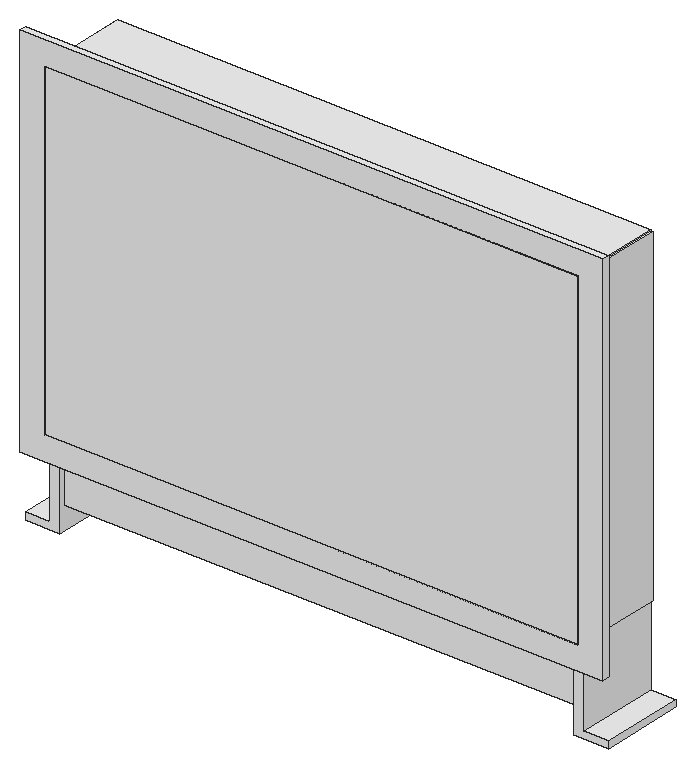
Revit family "1R553FPDB 1031IT_LOW FLOW", category Pipe Accessories, Revit 2018 (continued)
Definition of nested family "last regulator"
  Automatic sketch dimensions
    Extrusion 7 sketch curve to Extrusion 7 sketch curve = 1.039 mm
    Extrusion 8 sketch curve to plane 1 "Center (Front/Back)" = 5.116 mm
    plane 3 "Center (Left/Right)" to Extrusion 8 sketch curve = 9.912 mm
    Extrusion 8 sketch curve to Extrusion 8 sketch curve = 6.525 mm
    Extrusion 8 sketch curve to Extrusion 8 sketch curve = 1.039 mm
    plane 1 "Center (Front/Back)" to Extrusion 9 sketch curve = 6.021 mm
    plane 3 "Center (Left/Right)" to Extrusion 9 sketch curve = 9.379 mm
    Extrusion 9 sketch curve to Extrusion 9 sketch curve = 8.734 mm
    Extrusion 9 sketch curve to Extrusion 9 sketch curve = 1.039 mm
    Extrusion 10 sketch curve to plane 3 "Center (Left/Right)" = 0 mm  (x3)
    plane 1 "Center (Front/Back)" to Extrusion 10 sketch curve = 14.425 mm
    plane 1 "Center (Front/Back)" to Extrusion 10 sketch curve = 7.208 mm  (x2)
    Extrusion 10 sketch curve to plane 1 "Center (Front/Back)" = 0.009 mm
    Extrusion 10 sketch curve to plane 1 "Center (Front/Back)" = 7.225 mm  (x2)
    Extrusion 10 sketch curve to Extrusion 10 sketch curve = 7.217 mm
    plane 3 "Center (Left/Right)" to Extrusion 10 sketch curve = 12.5 mm
    Extrusion 10 sketch curve to plane 3 "Center (Left/Right)" = 12.5 mm
    Revolve 11 sketch curve to plane 1 "Center (Front/Back)" = 13.346 mm
    Revolve 11 sketch curve to Revolve 11 sketch curve = 0.922 mm
    Revolve 11 sketch curve to Revolve 11 sketch curve = 0.937 mm
    Revolve 11 sketch curve to Revolve 11 sketch curve = 0.028 mm
    Revolve 11 sketch curve to Revolve 11 sketch curve = 0 mm  (x5)
    Revolve 11 sketch curve to Revolve 11 sketch curve = 0.014 mm
    Revolve 11 sketch curve to Revolve 11 sketch curve = 0.713 mm  (x7)
    Revolve 11 sketch curve to Revolve 11 sketch curve = 0.726 mm
    level to Revolve 11 sketch curve = 17.3 mm
    Revolve 11 sketch curve to Revolve 11 sketch curve = 1.032 mm
    Revolve 11 sketch curve to Revolve 11 sketch curve = 0.741 mm
    Revolve 11 sketch curve to Revolve 11 sketch curve = 0.931 mm
    Revolve 11 sketch curve to plane 1 "Center (Front/Back)" = 0.009 mm
    level to Revolve 11 sketch curve = 11.05 mm
    Revolve 11 sketch curve to plane 4 = 11.319 mm
    Extrusion 12 sketch curve to plane 3 "Center (Left/Right)" = 0 mm  (x3)
    plane 1 "Center (Front/Back)" to Extrusion 12 sketch curve = 0 mm
    plane 1 "Center (Front/Back)" to Extrusion 12 sketch curve = 8.66 mm  (x2)
    plane 1 "Center (Front/Back)" to Extrusion 12 sketch curve = 17.321 mm
    Extrusion 12 sketch curve to plane 1 "Center (Front/Back)" = 8.66 mm  (x2)
    Extrusion 12 sketch curve to Extrusion 12 sketch curve = 8.66 mm
    plane 3 "Center (Left/Right)" to Extrusion 12 sketch curve = 15 mm
    Extrusion 12 sketch curve to plane 3 "Center (Left/Right)" = 15 mm
    Revolve 13 sketch curve to plane 3 "Center (Left/Right)" = 0 mm  (x2)
    Revolve 13 sketch curve to plane 3 "Center (Left/Right)" = 12.466 mm
    Revolve 13 sketch curve to plane 4 = 2.594 mm
    Revolve 13 sketch curve to Revolve 13 sketch curve = 0 mm
    Revolve 13 sketch curve to Revolve 13 sketch curve = 1.157 mm
    Revolve 13 sketch curve to Revolve 13 sketch curve = 0.968 mm  (x2)
    Revolve 13 sketch curve to plane 4 = 3.751 mm
    Revolve 13 sketch curve to Revolve 13 sketch curve = 5.944 mm
    Revolve 13 sketch curve to Revolve 13 sketch curve = 7.881 mm
    Revolve 13 sketch curve to Revolve 13 sketch curve = 6.11 mm
    plane 4 to Revolve 13 sketch curve = 3.077 mm
    Revolve 14 sketch curve to plane 3 "Center (Left/Right)" = 0 mm  (x2)
    Revolve 14 sketch curve to plane 4 = 0 mm
    plane 3 "Center (Left/Right)" to Revolve 14 sketch curve = 17.125 mm
    Revolve 14 sketch curve to plane 5 = 19.608 mm
    Revolve 14 sketch curve to Revolve 14 sketch curve = 18.992 mm
    Revolve 14 sketch curve to Revolve 14 sketch curve = 22.888 mm
    plane 3 "Center (Left/Right)" to Extrusion 15 sketch curve = 20.309 mm
    Extrusion 15 sketch curve to Extrusion 15 sketch curve = 0.597 mm  (x2)
    Extrusion 15 sketch curve to Extrusion 15 sketch curve = 0.776 mm
    Extrusion 15 sketch curve to Extrusion 15 sketch curve = 1.299 mm
    Extrusion 15 sketch curve to Extrusion 15 sketch curve = 1.449 mm
    Extrusion 15 sketch curve to Extrusion 15 sketch curve = 0.807 mm
    Extrusion 15 sketch curve to plane 5 = 19.608 mm
    Extrusion 15 sketch curve to Extrusion 15 sketch curve = 1.208 mm
    Extrusion 15 sketch curve to Extrusion 15 sketch curve = 0.803 mm
    Extrusion 15 sketch curve to Extrusion 15 sketch curve = 0.601 mm
    Extrusion 16 sketch curve to plane 3 "Center (Left/Right)" = 20.411 mm
    Extrusion 16 sketch curve to Extrusion 16 sketch curve = 0.597 mm  (x2)
    Extrusion 16 sketch curve to Extrusion 16 sketch curve = 0.776 mm
    Extrusion 16 sketch curve to Extrusion 16 sketch curve = 1.299 mm
    Extrusion 16 sketch curve to Extrusion 16 sketch curve = 1.449 mm
    Extrusion 16 sketch curve to Extrusion 16 sketch curve = 0.807 mm
    Extrusion 16 sketch curve to plane 5 = 19.608 mm
    Extrusion 16 sketch curve to Extrusion 16 sketch curve = 1.208 mm
    Extrusion 16 sketch curve to Extrusion 16 sketch curve = 0.803 mm
    Extrusion 16 sketch curve to Extrusion 16 sketch curve = 0.601 mm
    Revolve 17 sketch curve to plane 5 = 0 mm  (x2)
    plane 3 "Center (Left/Right)" to Revolve 17 sketch curve = 16.507 mm
    Revolve 17 sketch curve to Revolve 17 sketch curve = 2.17 mm  (x2)
    Revolve 17 sketch curve to Revolve 17 sketch curve = 21.5 mm
    Revolve 17 sketch curve to Revolve 17 sketch curve = 2.343 mm
    Revolve 17 sketch curve to plane 5 = 16.665 mm
    Revolve 17 sketch curve to Revolve 17 sketch curve = 16.838 mm
    plane 3 "Center (Left/Right)" to Revolve 17 sketch curve = 1.563 mm
    Revolve 17 sketch curve to Revolve 17 sketch curve = 24.042 mm
    radius of Extrusion 3 sketch curve = 1.156 mm
    radius of Extrusion 10 sketch curve = 11.904 mm
    radius of Extrusion 12 sketch curve = 14.53 mm
Definition of nested family "CAP Last "
  Reference planes
    plane 1 "Center (Front/Back)": y = 0
    plane 2: z = 0
    plane 3 "Center (Left/Right)": x = 0
    plane 4: y = -18.487
    plane 5: y = 18.365
    plane 6: y = 0
    plane 7: x = 50
    plane 8: z = 12.042
    plane 9: z = 91.037
    plane 10: z = 51.54
  Forms (mm)
    Extrusion 1, solid
      sketch origin (-0.186, 0, 9.763) x (1, 0, 0) y (0, 1, 0)
        loop
          line (14, 0) -> (7, 12.124) -> (-7, 12.124) -> (-14, 0) -> (-7, -12.124) -> (7, -12.124) -> (14, 0)
        loop
          circle (0, 0) r 10
      from 14.741 to 21.458
    Revolve 2, solid
      sketch origin (0, -0.255, 14.816) x (0, 1, 0) y (0, 0, 1)
        loop
          line (-10.111, 5.44) -> (-11.69, 3.861) -> (-10.742, 2.913) -> (-11.69, 1.965) -> (-10.742, 1.017) -> (-11.69, 0.07) -> (-10.742, -0.878) -> (-11.69, -1.826) -> (-10.742, -2.774) -> (-8.739, -2.774) -> (-8.739, 9.688) -> (-10.111, 9.688) -> (-10.111, 5.44)
        axis (0.255, 9.688) -> (0.255, -2.774)
      angle from 0 to 360
    Extrusion 3, solid
      sketch origin (0, 0, 0.403) x (1, 0, 0) y (0, 1, 0)
        loop
          line (14.104, 8.143) -> (0, 16.286) -> (-14.104, 8.143) -> (-14.104, -8.143) -> (0, -16.286) -> (14.104, -8.143) -> (14.104, 8.143)
        loop
          circle (0, 0) r 13.143
      from 69.435 to 69.99
    Revolve 4, solid
      sketch origin (0, 0, 0) x (1, 0, 0) y (0, 0, 1)
        loop
          line (0, 69.838) -> (-14.186, 69.838) -> (-14.186, 31.222) -> (0, 31.222) -> (0, 69.838)
        axis (0, 69.838) -> (0, 31.222)
      angle from 0 to 360
    Revolve 5, solid
      sketch origin (0, 0, -1.25) x (1, 0, 0) y (0, 0, 1)
        loop
          line (14.116, 51.54) -> (43.111, 51.54) -> (43.111, 69.735) -> (40.493, 71.246) -> (16.733, 71.246) -> (14.116, 69.735) -> (14.116, 51.54)
        axis (14.116, 51.54) -> (43.111, 51.54)
      angle from 0 to 360
    Extrusion 6, solid
      sketch origin (0, 0, 0) x (1, 0, 0) y (0, 1, 0)
        loop
          arc (-1.222, 15.953) -> (-6.252, 14.728) -> (-10.627, 11.961) r 16
          arc (-10.627, 11.961) -> (-12.355, 11.931) -> (-12.325, 10.203) r 1.222
          arc (-12.325, 10.203) -> (-14.835, 5.994) -> (-15.953, 1.222) r 16
          arc (-15.953, 1.222) -> (-17.176, 0) -> (-15.953, -1.222) r 1.222
          arc (-15.953, -1.222) -> (-14.835, -5.994) -> (-12.325, -10.203) r 16
          arc (-12.325, -10.203) -> (-12.355, -11.931) -> (-10.627, -11.961) r 1.222
          arc (-10.627, -11.961) -> (-6.252, -14.728) -> (-1.222, -15.953) r 16
          arc (-1.222, -15.953) -> (0, -17.176) -> (1.222, -15.953) r 1.222
          arc (1.222, -15.953) -> (6.252, -14.728) -> (10.627, -11.961) r 16
          arc (10.627, -11.961) -> (12.355, -11.931) -> (12.325, -10.203) r 1.222
          arc (12.325, -10.203) -> (14.835, -5.994) -> (15.953, -1.222) r 16
          arc (15.953, -1.222) -> (17.176, 0) -> (15.953, 1.222) r 1.222
          arc (15.953, 1.222) -> (14.835, 5.994) -> (12.325, 10.203) r 16
          arc (12.325, 10.203) -> (12.355, 11.931) -> (10.627, 11.961) r 1.222
          arc (10.627, 11.961) -> (6.252, 14.728) -> (1.222, 15.953) r 16
          arc (1.222, 15.953) -> (0, 17.176) -> (-1.222, 15.953) r 1.222
      from 70.393 to 91.037
  Dimensions and locks
    plane 9 to plane 8 = 78.994 mm
    equal spacing: plane 9, plane 10, plane 8
    aligned and locked: level to plane 2
  Automatic sketch dimensions
    plane 1 "Center (Front/Back)" to Extrusion 1 sketch curve = 0 mm  (x3)
    Extrusion 1 sketch curve to plane 3 "Center (Left/Right)" = 14.186 mm
    Extrusion 1 sketch curve to plane 3 "Center (Left/Right)" = 7.186 mm  (x2)
    Extrusion 1 sketch curve to plane 3 "Center (Left/Right)" = 0.186 mm
    plane 3 "Center (Left/Right)" to Extrusion 1 sketch curve = 6.814 mm  (x2)
    plane 3 "Center (Left/Right)" to Extrusion 1 sketch curve = 13.814 mm
    plane 4 to Extrusion 1 sketch curve = 6.363 mm
    Extrusion 1 sketch curve to plane 5 = 6.24 mm
    plane 8 to Revolve 2 sketch curve = 0 mm
    Revolve 2 sketch curve to plane 1 "Center (Front/Back)" = 0 mm
    plane 1 "Center (Front/Back)" to Revolve 2 sketch curve = 8.993 mm
    Revolve 2 sketch curve to Revolve 2 sketch curve = 1.372 mm
    Revolve 2 sketch curve to Revolve 2 sketch curve = 2.004 mm
    Revolve 2 sketch curve to plane 8 = 1.896 mm
    Revolve 2 sketch curve to Revolve 2 sketch curve = 0 mm  (x2)
    Revolve 2 sketch curve to Revolve 2 sketch curve = 0.632 mm
    Revolve 2 sketch curve to plane 8 = 4.739 mm
    Revolve 2 sketch curve to Revolve 2 sketch curve = 0.948 mm  (x2)
    Revolve 2 sketch curve to plane 8 = 2.843 mm
    Revolve 2 sketch curve to Revolve 2 sketch curve = 4.248 mm
    plane 8 to Revolve 2 sketch curve = 2.279 mm
    Revolve 2 sketch curve to Revolve 2 sketch curve = 1.125 mm
    Extrusion 3 sketch curve to plane 3 "Center (Left/Right)" = 0 mm  (x3)
    plane 1 "Center (Front/Back)" to Extrusion 3 sketch curve = 0 mm
    Extrusion 3 sketch curve to plane 3 "Center (Left/Right)" = 14.104 mm
    plane 3 "Center (Left/Right)" to Extrusion 3 sketch curve = 14.104 mm
    plane 1 "Center (Front/Back)" to Extrusion 3 sketch curve = 8.143 mm  (x2)
    plane 4 to Extrusion 3 sketch curve = 2.202 mm
    Extrusion 3 sketch curve to plane 1 "Center (Front/Back)" = 8.143 mm  (x2)
    Extrusion 3 sketch curve to plane 5 = 2.079 mm
    Revolve 4 sketch curve to plane 3 "Center (Left/Right)" = 0 mm  (x2)
    Revolve 4 sketch curve to plane 3 "Center (Left/Right)" = 14.186 mm
    plane 10 to Revolve 4 sketch curve = 20.318 mm
    Revolve 4 sketch curve to plane 10 = 18.298 mm
    level to Revolve 4 sketch curve = 5.869 mm
    Revolve 4 sketch curve to Revolve 4 sketch curve = 1.888 mm
    plane 10 to Revolve 5 sketch curve = 1.25 mm  (x2)
    plane 3 "Center (Left/Right)" to Revolve 5 sketch curve = 14.116 mm
    Revolve 5 sketch curve to Revolve 5 sketch curve = 2.617 mm  (x2)
    Revolve 5 sketch curve to plane 7 = 9.507 mm
    Revolve 5 sketch curve to plane 10 = 16.945 mm  (x2)
    Revolve 5 sketch curve to Revolve 5 sketch curve = 1.511 mm
    plane 3 "Center (Left/Right)" to Revolve 5 sketch curve = 7.026 mm
    Revolve 5 sketch curve to Revolve 5 sketch curve = 4.22 mm
    Extrusion 6 sketch curve to Extrusion 6 sketch curve = 0 mm  (x56)
    plane 1 "Center (Front/Back)" to Extrusion 6 sketch curve = 0 mm  (x3)
    Extrusion 6 sketch curve to plane 3 "Center (Left/Right)" = 0 mm  (x3)
    Extrusion 6 sketch curve to plane 5 = 7.282 mm  (x2)
    Extrusion 6 sketch curve to plane 3 "Center (Left/Right)" = 11.476 mm  (x2)
    plane 4 to Extrusion 6 sketch curve = 7.405 mm  (x2)
    Extrusion 6 sketch curve to Extrusion 6 sketch curve = 4.477 mm  (x2)
    plane 3 "Center (Left/Right)" to Extrusion 6 sketch curve = 11.476 mm  (x2)
    plane 4 to Extrusion 6 sketch curve = 2.534 mm
    Extrusion 6 sketch curve to plane 5 = 2.411 mm
    Extrusion 6 sketch curve to plane 3 "Center (Left/Right)" = 1.222 mm
    Extrusion 6 sketch curve to Extrusion 6 sketch curve = 1.222 mm
    Extrusion 6 sketch curve to Extrusion 6 sketch curve = 0.849 mm  (x6)
    radius of Extrusion 1 sketch curve = 10 mm
    radius of Extrusion 3 sketch curve = 13.143 mm
Definition of nested family "Giacomini Logo"
  Parameters (values of type "Hot Water ball valve")
    Material [instance] = none
  Reference planes
    plane 1 "Center (Front/Back)": y = 0
    plane 2: z = 0
    plane 3 "Center (Left/Right)": x = 0
    plane 4: x = 105
    plane 5 "MODEL TEXT": x = -25.219
    plane 6: x = -24
    plane 7: y = -62.876
    plane 8 "LOGO": x = -18.662
  Forms (mm)
    Extrusion 1, solid, material <- "Material"
      sketch origin (-25.219, 0, -1.25) x (0, 0, -1) y (0, -1, 0)
        loop
          arc (-25.831, 62.394) -> (-26.149, 62.708) -> (-26.596, 62.719) r 0.606
          line (-26.596, 62.719) -> (-29.148, 62.13)
          arc (-29.148, 62.13) -> (-29.309, 63.322) -> (-29.846, 64.4) r 3.684
          arc (-29.846, 64.4) -> (-29.425, 64.435) -> (-29.025, 64.299) r 1.034
          line (-29.025, 64.299) -> (-28.213, 64.199) -> (-26.654, 64.363) -> (-25.834, 63.758) -> (-25.247, 64.345) -> (-25.247, 66.362) -> (-25.813, 66.928) -> (-25.955, 66.123) -> (-26.632, 64.951)
          arc (-26.632, 64.951) -> (-28.308, 65.154) -> (-29.938, 65.594) r 11.785
          arc (-29.938, 65.594) -> (-30.771, 65.35) -> (-31.121, 64.556) r 1.029
          arc (-31.121, 64.556) -> (-31.053, 63.709) -> (-30.885, 62.876) r 7.086
          arc (-30.885, 62.876) -> (-31.456, 62.772) -> (-31.976, 63.03) r 0.921
          arc (-31.976, 63.03) -> (-32.371, 63.599) -> (-33.062, 63.559) r 0.709
          line (-33.062, 63.559) -> (-34.393, 65.264) -> (-35.184, 65.264) -> (-36.776, 65.096)
          arc (-36.776, 65.096) -> (-37.299, 65.423) -> (-37.108, 66.01) r 0.501
          line (-37.108, 66.01) -> (-36.462, 66.552)
          arc (-36.462, 66.552) -> (-36.66, 67.031) -> (-37.166, 67.142) r 0.559
          arc (-37.166, 67.142) -> (-37.635, 66.394) -> (-38.454, 66.062) r 1.438
          arc (-38.454, 66.062) -> (-39.072, 65.951) -> (-39.655, 65.717) r 3.067
          arc (-39.655, 65.717) -> (-39.717, 65.153) -> (-39.466, 64.644) r 1.011
          line (-39.466, 64.644) -> (-38.909, 64.087) -> (-37.815, 63.169) -> (-37.457, 62.401) -> (-36.886, 60.987)
          arc (-36.886, 60.987) -> (-36.447, 60.5) -> (-35.799, 60.409) r 0.958
          line (-35.799, 60.409) -> (-33.432, 60.912)
          arc (-33.432, 60.912) -> (-31.981, 60.803) -> (-30.649, 60.218) r 4.314
          arc (-30.649, 60.218) -> (-29.146, 60.273) -> (-27.771, 60.883) r 3.972
          line (-27.771, 60.883) -> (-26.687, 61.534)
          arc (-26.687, 61.534) -> (-26.649, 60.462) -> (-26.39, 59.42) r 5.152
          arc (-26.39, 59.42) -> (-26.532, 58.958) -> (-26.72, 58.514) r 4.778
          arc (-26.72, 58.514) -> (-26.139, 57.953) -> (-25.837, 57.204) r 1.943
          line (-25.837, 57.204) -> (-25.049, 57.555)
          arc (-25.049, 57.555) -> (-25.637, 58.299) -> (-25.942, 59.197) r 2.791
          arc (-25.942, 59.197) -> (-25.739, 60.79) -> (-25.831, 62.394) r 8.726
        loop
          arc (-35.045, 69.098) -> (-33.226, 69.891) -> (-31.241, 69.906) r 4.951
          arc (-31.241, 69.906) -> (-31.276, 70.67) -> (-32.009, 70.889) r 0.661
          arc (-32.009, 70.889) -> (-33.8, 70.455) -> (-35.045, 69.098) r 3.165
        loop
          arc (-35.821, 67.09) -> (-33.179, 67.665) -> (-30.476, 67.652) r 12.353
          arc (-30.476, 67.652) -> (-33.261, 68.445) -> (-35.821, 67.09) r 3.883
        loop
          circle (-31.976, 62.717) r 9
      from -10.747 to -5.796
    Extrusion 2, solid, material <- "Material"
      sketch origin (-18.662, -55.916, 1203.438) x (0, 1, 0) y (0, 0, 1)
        loop
          line (4.516, -1182.125) -> (3.695, -1182.125) -> (2.628, -1185.056) -> (1.444, -1182.125) -> (0.623, -1182.125) -> (0.623, -1186.485) -> (1.423, -1186.485) -> (1.423, -1183.493) -> (2.628, -1186.475) -> (3.716, -1183.623) -> (3.716, -1186.485) -> (4.516, -1186.485) -> (4.516, -1182.125)
        loop
          line (-1.326, -1182.125) -> (-2.126, -1182.125) -> (-3.713, -1186.485) -> (-2.776, -1186.485) -> (-2.235, -1185) -> (-1.027, -1185) -> (-0.427, -1186.485) -> (0.435, -1186.485) -> (-1.326, -1182.125)
        loop
          line (-0.907, -1184.581) -> (-1.676, -1182.678) -> (-2.369, -1184.581) -> (-0.907, -1184.581)
        loop
          line (-3.908, -1182.125) -> (-5.263, -1182.125)
          arc (-5.263, -1182.125) -> (-7.443, -1184.305) -> (-5.263, -1186.485) r 2.18
          line (-5.263, -1186.485) -> (-3.908, -1186.485) -> (-3.908, -1182.125)
        loop
          line (-4.44, -1185.953) -> (-4.44, -1182.656) -> (-5.263, -1182.656)
          arc (-5.263, -1182.656) -> (-6.911, -1184.305) -> (-5.263, -1185.953) r 1.649
          line (-5.263, -1185.953) -> (-4.44, -1185.953)
        loop
          line (-7.828, -1182.125) -> (-9.911, -1182.125) -> (-9.911, -1182.925) -> (-8.565, -1182.925) -> (-8.565, -1184.123) -> (-9.911, -1184.123) -> (-9.911, -1184.923) -> (-8.565, -1184.923) -> (-8.565, -1185.953) -> (-9.911, -1185.953) -> (-9.911, -1186.753) -> (-7.828, -1186.753) -> (-7.828, -1182.125)
        loop
          line (-11.889, -1182.125) -> (-12.689, -1182.125) -> (-12.689, -1186.485) -> (-11.889, -1186.485) -> (-11.889, -1182.125)
        loop
          line (-13.532, -1182.125) -> (-14.753, -1182.125) -> (-16.653, -1185.416) -> (-16.653, -1182.125) -> (-17.453, -1182.125) -> (-17.453, -1186.485) -> (-16.346, -1186.485) -> (-14.332, -1182.997) -> (-14.332, -1186.485) -> (-13.532, -1186.485) -> (-13.532, -1182.125)
        loop
          line (-0.997, -1188.432) -> (-1.797, -1188.432) -> (-1.797, -1192.432) -> (-0.997, -1192.432) -> (-0.997, -1188.432)
        loop
          line (-3.49, -1192.432) -> (-3.49, -1189.249) -> (-2.399, -1189.249) -> (-2.399, -1188.432) -> (-5.326, -1188.432) -> (-5.326, -1189.249) -> (-4.29, -1189.249) -> (-4.29, -1192.432) -> (-3.49, -1192.432)
        loop
          line (-6.563, -1188.332) -> (-7.622, -1188.332) -> (-9.115, -1192.432) -> (-8.263, -1192.432) -> (-7.926, -1191.507) -> (-6.143, -1191.507) -> (-5.769, -1192.432) -> (-4.906, -1192.432) -> (-6.563, -1188.332)
        loop
          line (-6.312, -1191.088) -> (-7.081, -1189.185) -> (-7.774, -1191.088) -> (-6.312, -1191.088)
        loop
          line (-9.552, -1188.432) -> (-10.352, -1188.432) -> (-10.352, -1191.632) -> (-11.724, -1191.632) -> (-11.724, -1192.432) -> (-9.552, -1192.432) -> (-9.552, -1188.432)
        loop
          line (-11.37, -1188.808) -> (-11.935, -1188.242) -> (-12.935, -1189.242) -> (-13.934, -1188.242) -> (-14.5, -1188.808) -> (-13.469, -1189.839) -> (-13.469, -1192.432) -> (-12.669, -1192.432) -> (-12.669, -1190.107) -> (-11.37, -1188.808)
      from -0.888 to 20
  Dimensions and locks
    aligned and locked: level to plane 2
Types (12, lengths in mm): name | P | Model | Manifold 9 | Manifold 8 | Manifold 7 | Manifold 6 | Manifold 5 | Manifold 4 | Manifold 3 | Manifold 12 | Manifold 11 | Manifold 10 | Manifold 09 | Manifold 08 | Manifold 07 | Manifold 06 | Manifold 05 | Manifold 03 | Manifold 04 | Manifold .12 | Manifold .11 | Manifold .10 | L1 | L
  (no name) | 450 | "R553FPDB251" | 438 | 388 | 338 | 288 | 238 | 188 | 138 | yes | yes | yes | yes | yes | yes | yes | yes | yes | yes | 538 | 538 | 488 | 868 | 708
  R553FPDB252 | 500 | "R553FPDB252" | 438 | 388 | 338 | 288 | 238 | 188 | 138 | yes | yes | yes | yes | yes | yes | yes | yes | yes | yes | 588 | 538 | 488 | 1068 | 758
  R553FPDB251 | 450 | "R553FPDB251" | 438 | 388 | 338 | 288 | 238 | 188 | 138 | yes | yes | yes | yes | yes | yes | yes | yes | yes | yes | 538 | 538 | 488 | 868 | 708
  R553FPDB250 | 400 | "R553FPDB250" | 438 | 388 | 338 | 288 | 238 | 188 | 138 | yes | yes | yes | yes | yes | yes | yes | yes | yes | yes | 488 | 488 | 488 | 868 | 658
  R553FPDB249 | 350 | "R553FPDB249" | 438 | 388 | 338 | 288 | 238 | 188 | 138 | yes | yes | yes | yes | yes | yes | yes | yes | yes | yes | 438 | 438 | 438 | 868 | 608
  R553FPDB248 | 300 | "R553FPDB248" | 388 | 388 | 338 | 288 | 238 | 188 | 138 | yes | yes | yes | yes | yes | yes | yes | yes | yes | yes | 388 | 388 | 388 | 868 | 558
  R553FPDB247 | 250 | "R553FPDB247" | 338 | 338 | 338 | 288 | 238 | 188 | 138 | yes | yes | yes | yes | yes | yes | yes | yes | yes | yes | 338 | 338 | 338 | 668 | 508
  R553FPDB246 | 200 | "R553FPDB246" | 288 | 288 | 288 | 288 | 238 | 188 | 138 | yes | yes | yes | yes | yes | yes | yes | yes | yes | yes | 288 | 288 | 288 | 668 | 458
  R553FPDB245 | 150 | "R553FPDB245" | 238 | 238 | 238 | 238 | 238 | 188 | 138 | yes | yes | yes | yes | yes | yes | yes | yes | yes | yes | 238 | 238 | 238 | 668 | 408
  R553FPDB244 | 100 | "R553FPDB244" | 188 | 188 | 188 | 188 | 188 | 188 | 138 | yes | yes | yes | yes | yes | yes | yes | yes | yes | yes | 188 | 188 | 188 | 668 | 358
  R553FPDB243 | 50 | "R553FPDB243" | 138 | 138 | 138 | 138 | 138 | 138 | 138 | yes | yes | yes | yes | yes | yes | yes | yes | yes | yes | 138 | 138 | 138 | 468 | 308
  R553FPDB242 | 50 | "R553FPDB242" | 88 | 88 | 88 | 88 | 88 | 88 | 88 | no | no | no | no | no | no | no | no | no | no | 88 | 88 | 88 | 468 | 258
